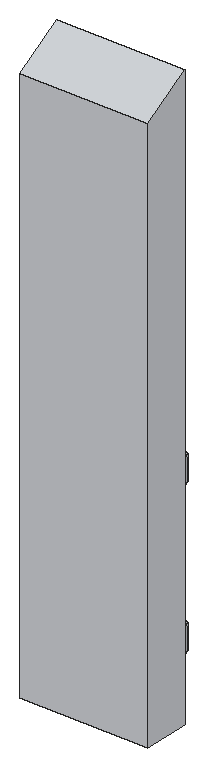
Revit family "57_CRD_ME_Ventura_V1C-V", category Mechanical Equipment, Revit 2020 (continued)
Definition of nested family "57_CRD_ME_Ventura_V1C-V_shared"
  Definition of nested family "57_rooster_boven"
    Lines and regions (mm)
      model lines
        curve 216: arc (252.5, -51.5, 0) -> (250, -54, 0) -> (247.5, -51.5, 0) r 2.5
        curve 217: line (257.5, -51.5, 0) -> (257.5, 50.5, 0)
        curve 218: line (262.5, 50.5, 0) -> (262.5, -51.5, 0)
        curve 219: arc (257.5, 50.5, 0) -> (260, 53, 0) -> (262.5, 50.5, 0) r 2.5
        curve 220: arc (262.5, -51.5, 0) -> (260, -54, 0) -> (257.5, -51.5, 0) r 2.5
        curve 221: line (-262.5, -179, 0) -> (-262.5, -77, 0)
        curve 222: line (-257.5, -77, 0) -> (-257.5, -179, 0)
        curve 223: arc (-262.5, -77, 0) -> (-260, -74.5, 0) -> (-257.5, -77, 0) r 2.5
        curve 224: arc (-257.5, -179, 0) -> (-260, -181.5, 0) -> (-262.5, -179, 0) r 2.5
        curve 225: line (-252.5, -179, 0) -> (-252.5, -77, 0)
        curve 226: line (-247.5, -77, 0) -> (-247.5, -179, 0)
        curve 227: arc (-252.5, -77, 0) -> (-250, -74.5, 0) -> (-247.5, -77, 0) r 2.5
        curve 228: arc (-247.5, -179, 0) -> (-250, -181.5, 0) -> (-252.5, -179, 0) r 2.5
        curve 229: line (-242.5, -179, 0) -> (-242.5, -77, 0)
        curve 230: line (-237.5, -77, 0) -> (-237.5, -179, 0)
        curve 231: arc (-242.5, -77, 0) -> (-240, -74.5, 0) -> (-237.5, -77, 0) r 2.5
        curve 232: arc (-237.5, -179, 0) -> (-240, -181.5, 0) -> (-242.5, -179, 0) r 2.5
        curve 233: line (-232.5, -179, 0) -> (-232.5, -77, 0)
        curve 234: line (-227.5, -77, 0) -> (-227.5, -179, 0)
        curve 235: arc (-232.5, -77, 0) -> (-230, -74.5, 0) -> (-227.5, -77, 0) r 2.5
        curve 236: arc (-227.5, -179, 0) -> (-230, -181.5, 0) -> (-232.5, -179, 0) r 2.5
        curve 237: line (-222.5, -179, 0) -> (-222.5, -77, 0)
        curve 238: line (-217.5, -77, 0) -> (-217.5, -179, 0)
        curve 239: arc (-222.5, -77, 0) -> (-220, -74.5, 0) -> (-217.5, -77, 0) r 2.5
        curve 240: arc (-217.5, -179, 0) -> (-220, -181.5, 0) -> (-222.5, -179, 0) r 2.5
        curve 241: line (-212.5, -179, 0) -> (-212.5, -77, 0)
        curve 242: line (-207.5, -77, 0) -> (-207.5, -179, 0)
        curve 243: arc (-212.5, -77, 0) -> (-210, -74.5, 0) -> (-207.5, -77, 0) r 2.5
        curve 244: arc (-207.5, -179, 0) -> (-210, -181.5, 0) -> (-212.5, -179, 0) r 2.5
        curve 245: line (-202.5, -179, 0) -> (-202.5, -77, 0)
        curve 246: line (-197.5, -77, 0) -> (-197.5, -179, 0)
        curve 247: arc (-202.5, -77, 0) -> (-200, -74.5, 0) -> (-197.5, -77, 0) r 2.5
        curve 248: arc (-197.5, -179, 0) -> (-200, -181.5, 0) -> (-202.5, -179, 0) r 2.5
        curve 249: line (-192.5, -179, 0) -> (-192.5, -77, 0)
        curve 250: line (-187.5, -77, 0) -> (-187.5, -179, 0)
        curve 251: arc (-192.5, -77, 0) -> (-190, -74.5, 0) -> (-187.5, -77, 0) r 2.5
        curve 252: arc (-187.5, -179, 0) -> (-190, -181.5, 0) -> (-192.5, -179, 0) r 2.5
        curve 253: line (-182.5, -179, 0) -> (-182.5, -77, 0)
        curve 254: line (-177.5, -77, 0) -> (-177.5, -179, 0)
        curve 255: arc (-182.5, -77, 0) -> (-180, -74.5, 0) -> (-177.5, -77, 0) r 2.5
        curve 256: arc (-177.5, -179, 0) -> (-180, -181.5, 0) -> (-182.5, -179, 0) r 2.5
        curve 257: line (-172.5, -179, 0) -> (-172.5, -77, 0)
        curve 258: line (-167.5, -77, 0) -> (-167.5, -179, 0)
        curve 259: arc (-172.5, -77, 0) -> (-170, -74.5, 0) -> (-167.5, -77, 0) r 2.5
        curve 260: arc (-167.5, -179, 0) -> (-170, -181.5, 0) -> (-172.5, -179, 0) r 2.5
        curve 261: line (-162.5, -179, 0) -> (-162.5, -77, 0)
        curve 262: line (-157.5, -77, 0) -> (-157.5, -179, 0)
        curve 263: arc (-162.5, -77, 0) -> (-160, -74.5, 0) -> (-157.5, -77, 0) r 2.5
        curve 264: arc (-157.5, -179, 0) -> (-160, -181.5, 0) -> (-162.5, -179, 0) r 2.5
        curve 265: line (-152.5, -179, 0) -> (-152.5, -77, 0)
        curve 266: line (-147.5, -77, 0) -> (-147.5, -179, 0)
        curve 267: arc (-152.5, -77, 0) -> (-150, -74.5, 0) -> (-147.5, -77, 0) r 2.5
        curve 268: arc (-147.5, -179, 0) -> (-150, -181.5, 0) -> (-152.5, -179, 0) r 2.5
        curve 269: line (-142.5, -179, 0) -> (-142.5, -77, 0)
        curve 270: line (-137.5, -77, 0) -> (-137.5, -179, 0)
        curve 271: arc (-142.5, -77, 0) -> (-140, -74.5, 0) -> (-137.5, -77, 0) r 2.5
        curve 272: arc (-137.5, -179, 0) -> (-140, -181.5, 0) -> (-142.5, -179, 0) r 2.5
        curve 273: line (-132.5, -179, 0) -> (-132.5, -77, 0)
        curve 274: line (-127.5, -77, 0) -> (-127.5, -179, 0)
        curve 275: arc (-132.5, -77, 0) -> (-130, -74.5, 0) -> (-127.5, -77, 0) r 2.5
        curve 276: arc (-127.5, -179, 0) -> (-130, -181.5, 0) -> (-132.5, -179, 0) r 2.5
        curve 277: line (-122.5, -179, 0) -> (-122.5, -77, 0)
        curve 278: line (-117.5, -77, 0) -> (-117.5, -179, 0)
        curve 279: arc (-122.5, -77, 0) -> (-120, -74.5, 0) -> (-117.5, -77, 0) r 2.5
        curve 280: arc (-117.5, -179, 0) -> (-120, -181.5, 0) -> (-122.5, -179, 0) r 2.5
        curve 281: line (-112.5, -179, 0) -> (-112.5, -77, 0)
        curve 282: line (-107.5, -77, 0) -> (-107.5, -179, 0)
        curve 283: arc (-112.5, -77, 0) -> (-110, -74.5, 0) -> (-107.5, -77, 0) r 2.5
        curve 284: arc (-107.5, -179, 0) -> (-110, -181.5, 0) -> (-112.5, -179, 0) r 2.5
        curve 285: line (-102.5, -179, 0) -> (-102.5, -77, 0)
        curve 286: line (-97.5, -77, 0) -> (-97.5, -179, 0)
        curve 287: arc (-102.5, -77, 0) -> (-100, -74.5, 0) -> (-97.5, -77, 0) r 2.5
        curve 288: arc (-97.5, -179, 0) -> (-100, -181.5, 0) -> (-102.5, -179, 0) r 2.5
        curve 289: line (-92.5, -179, 0) -> (-92.5, -77, 0)
        curve 290: line (-87.5, -77, 0) -> (-87.5, -179, 0)
        curve 291: arc (-92.5, -77, 0) -> (-90, -74.5, 0) -> (-87.5, -77, 0) r 2.5
        curve 292: arc (-87.5, -179, 0) -> (-90, -181.5, 0) -> (-92.5, -179, 0) r 2.5
        curve 293: line (-82.5, -179, 0) -> (-82.5, -77, 0)
        curve 294: line (-77.5, -77, 0) -> (-77.5, -179, 0)
        curve 295: arc (-82.5, -77, 0) -> (-80, -74.5, 0) -> (-77.5, -77, 0) r 2.5
        curve 296: arc (-77.5, -179, 0) -> (-80, -181.5, 0) -> (-82.5, -179, 0) r 2.5
        curve 297: line (-72.5, -179, 0) -> (-72.5, -77, 0)
        curve 298: line (-67.5, -77, 0) -> (-67.5, -179, 0)
        curve 299: arc (-72.5, -77, 0) -> (-70, -74.5, 0) -> (-67.5, -77, 0) r 2.5
        curve 300: arc (-67.5, -179, 0) -> (-70, -181.5, 0) -> (-72.5, -179, 0) r 2.5
        curve 301: line (-62.5, -179, 0) -> (-62.5, -77, 0)
        curve 302: line (-57.5, -77, 0) -> (-57.5, -179, 0)
        curve 303: arc (-62.5, -77, 0) -> (-60, -74.5, 0) -> (-57.5, -77, 0) r 2.5
        curve 304: arc (-57.5, -179, 0) -> (-60, -181.5, 0) -> (-62.5, -179, 0) r 2.5
        curve 305: line (-52.5, -179, 0) -> (-52.5, -77, 0)
        curve 306: line (-47.5, -77, 0) -> (-47.5, -179, 0)
        curve 307: arc (-52.5, -77, 0) -> (-50, -74.5, 0) -> (-47.5, -77, 0) r 2.5
        curve 308: arc (-47.5, -179, 0) -> (-50, -181.5, 0) -> (-52.5, -179, 0) r 2.5
        curve 309: line (-42.5, -179, 0) -> (-42.5, -77, 0)
        curve 310: line (-37.5, -77, 0) -> (-37.5, -179, 0)
        curve 311: arc (-42.5, -77, 0) -> (-40, -74.5, 0) -> (-37.5, -77, 0) r 2.5
        curve 312: arc (-37.5, -179, 0) -> (-40, -181.5, 0) -> (-42.5, -179, 0) r 2.5
        curve 313: line (-32.5, -179, 0) -> (-32.5, -77, 0)
        curve 314: line (-27.5, -77, 0) -> (-27.5, -179, 0)
        curve 315: arc (-32.5, -77, 0) -> (-30, -74.5, 0) -> (-27.5, -77, 0) r 2.5
        curve 316: arc (-27.5, -179, 0) -> (-30, -181.5, 0) -> (-32.5, -179, 0) r 2.5
        curve 317: line (-22.5, -179, 0) -> (-22.5, -77, 0)
        curve 318: line (-17.5, -77, 0) -> (-17.5, -179, 0)
        curve 319: arc (-22.5, -77, 0) -> (-20, -74.5, 0) -> (-17.5, -77, 0) r 2.5
        curve 320: arc (-17.5, -179, 0) -> (-20, -181.5, 0) -> (-22.5, -179, 0) r 2.5
        curve 321: line (-12.5, -179, 0) -> (-12.5, -77, 0)
        curve 322: line (-7.5, -77, 0) -> (-7.5, -179, 0)
        curve 323: arc (-12.5, -77, 0) -> (-10, -74.5, 0) -> (-7.5, -77, 0) r 2.5
        curve 324: arc (-7.5, -179, 0) -> (-10, -181.5, 0) -> (-12.5, -179, 0) r 2.5
        curve 325: line (-2.5, -179, 0) -> (-2.5, -77, 0)
        curve 326: line (2.5, -77, 0) -> (2.5, -179, 0)
        curve 327: arc (-2.5, -77, 0) -> (0, -74.5, 0) -> (2.5, -77, 0) r 2.5
        curve 328: arc (2.5, -179, 0) -> (0, -181.5, 0) -> (-2.5, -179, 0) r 2.5
        curve 329: line (7.5, -179, 0) -> (7.5, -77, 0)
        curve 330: line (12.5, -77, 0) -> (12.5, -179, 0)
        curve 331: arc (7.5, -77, 0) -> (10, -74.5, 0) -> (12.5, -77, 0) r 2.5
        curve 332: arc (12.5, -179, 0) -> (10, -181.5, 0) -> (7.5, -179, 0) r 2.5
        curve 333: line (17.5, -179, 0) -> (17.5, -77, 0)
        curve 334: line (22.5, -77, 0) -> (22.5, -179, 0)
        curve 335: arc (17.5, -77, 0) -> (20, -74.5, 0) -> (22.5, -77, 0) r 2.5
        curve 336: arc (22.5, -179, 0) -> (20, -181.5, 0) -> (17.5, -179, 0) r 2.5
        curve 337: line (27.5, -179, 0) -> (27.5, -77, 0)
        curve 338: line (32.5, -77, 0) -> (32.5, -179, 0)
        curve 339: arc (27.5, -77, 0) -> (30, -74.5, 0) -> (32.5, -77, 0) r 2.5
        curve 340: arc (32.5, -179, 0) -> (30, -181.5, 0) -> (27.5, -179, 0) r 2.5
        curve 341: line (37.5, -179, 0) -> (37.5, -77, 0)
        curve 342: line (42.5, -77, 0) -> (42.5, -179, 0)
        curve 343: arc (37.5, -77, 0) -> (40, -74.5, 0) -> (42.5, -77, 0) r 2.5
        curve 344: arc (42.5, -179, 0) -> (40, -181.5, 0) -> (37.5, -179, 0) r 2.5
        curve 345: line (47.5, -179, 0) -> (47.5, -77, 0)
        curve 346: line (52.5, -77, 0) -> (52.5, -179, 0)
        curve 347: arc (47.5, -77, 0) -> (50, -74.5, 0) -> (52.5, -77, 0) r 2.5
        curve 348: arc (52.5, -179, 0) -> (50, -181.5, 0) -> (47.5, -179, 0) r 2.5
        curve 349: line (57.5, -179, 0) -> (57.5, -77, 0)
        curve 350: line (62.5, -77, 0) -> (62.5, -179, 0)
        curve 351: arc (57.5, -77, 0) -> (60, -74.5, 0) -> (62.5, -77, 0) r 2.5
        curve 352: arc (62.5, -179, 0) -> (60, -181.5, 0) -> (57.5, -179, 0) r 2.5
        curve 353: line (67.5, -179, 0) -> (67.5, -77, 0)
        curve 354: line (72.5, -77, 0) -> (72.5, -179, 0)
        curve 355: arc (67.5, -77, 0) -> (70, -74.5, 0) -> (72.5, -77, 0) r 2.5
        curve 356: arc (72.5, -179, 0) -> (70, -181.5, 0) -> (67.5, -179, 0) r 2.5
        curve 357: line (77.5, -179, 0) -> (77.5, -77, 0)
        curve 358: line (82.5, -77, 0) -> (82.5, -179, 0)
        curve 359: arc (77.5, -77, 0) -> (80, -74.5, 0) -> (82.5, -77, 0) r 2.5
        curve 360: arc (82.5, -179, 0) -> (80, -181.5, 0) -> (77.5, -179, 0) r 2.5
        curve 361: line (87.5, -179, 0) -> (87.5, -77, 0)
        curve 362: line (92.5, -77, 0) -> (92.5, -179, 0)
        curve 363: arc (87.5, -77, 0) -> (90, -74.5, 0) -> (92.5, -77, 0) r 2.5
        curve 364: arc (92.5, -179, 0) -> (90, -181.5, 0) -> (87.5, -179, 0) r 2.5
        curve 365: line (97.5, -179, 0) -> (97.5, -77, 0)
        curve 366: line (102.5, -77, 0) -> (102.5, -179, 0)
        curve 367: arc (97.5, -77, 0) -> (100, -74.5, 0) -> (102.5, -77, 0) r 2.5
        curve 368: arc (102.5, -179, 0) -> (100, -181.5, 0) -> (97.5, -179, 0) r 2.5
        curve 369: line (107.5, -179, 0) -> (107.5, -77, 0)
        curve 370: line (112.5, -77, 0) -> (112.5, -179, 0)
        curve 371: arc (107.5, -77, 0) -> (110, -74.5, 0) -> (112.5, -77, 0) r 2.5
        curve 372: arc (112.5, -179, 0) -> (110, -181.5, 0) -> (107.5, -179, 0) r 2.5
        curve 373: line (117.5, -179, 0) -> (117.5, -77, 0)
        curve 374: line (122.5, -77, 0) -> (122.5, -179, 0)
        curve 375: arc (117.5, -77, 0) -> (120, -74.5, 0) -> (122.5, -77, 0) r 2.5
        curve 376: arc (122.5, -179, 0) -> (120, -181.5, 0) -> (117.5, -179, 0) r 2.5
        curve 377: line (127.5, -179, 0) -> (127.5, -77, 0)
        curve 378: line (132.5, -77, 0) -> (132.5, -179, 0)
        curve 379: arc (127.5, -77, 0) -> (130, -74.5, 0) -> (132.5, -77, 0) r 2.5
        curve 380: arc (132.5, -179, 0) -> (130, -181.5, 0) -> (127.5, -179, 0) r 2.5
        curve 381: line (137.5, -179, 0) -> (137.5, -77, 0)
        curve 382: line (142.5, -77, 0) -> (142.5, -179, 0)
        curve 383: arc (137.5, -77, 0) -> (140, -74.5, 0) -> (142.5, -77, 0) r 2.5
        curve 384: arc (142.5, -179, 0) -> (140, -181.5, 0) -> (137.5, -179, 0) r 2.5
        curve 385: line (147.5, -179, 0) -> (147.5, -77, 0)
        curve 386: line (152.5, -77, 0) -> (152.5, -179, 0)
        curve 387: arc (147.5, -77, 0) -> (150, -74.5, 0) -> (152.5, -77, 0) r 2.5
        curve 388: arc (152.5, -179, 0) -> (150, -181.5, 0) -> (147.5, -179, 0) r 2.5
        curve 389: line (157.5, -179, 0) -> (157.5, -77, 0)
        curve 390: line (162.5, -77, 0) -> (162.5, -179, 0)
        curve 391: arc (157.5, -77, 0) -> (160, -74.5, 0) -> (162.5, -77, 0) r 2.5
        curve 392: arc (162.5, -179, 0) -> (160, -181.5, 0) -> (157.5, -179, 0) r 2.5
        curve 393: line (167.5, -179, 0) -> (167.5, -77, 0)
        curve 394: line (172.5, -77, 0) -> (172.5, -179, 0)
        curve 395: arc (167.5, -77, 0) -> (170, -74.5, 0) -> (172.5, -77, 0) r 2.5
        curve 396: arc (172.5, -179, 0) -> (170, -181.5, 0) -> (167.5, -179, 0) r 2.5
        curve 397: line (177.5, -179, 0) -> (177.5, -77, 0)
        curve 398: line (182.5, -77, 0) -> (182.5, -179, 0)
        curve 399: arc (177.5, -77, 0) -> (180, -74.5, 0) -> (182.5, -77, 0) r 2.5
        curve 400: arc (182.5, -179, 0) -> (180, -181.5, 0) -> (177.5, -179, 0) r 2.5
        curve 401: line (187.5, -179, 0) -> (187.5, -77, 0)
        curve 402: line (192.5, -77, 0) -> (192.5, -179, 0)
        curve 403: arc (187.5, -77, 0) -> (190, -74.5, 0) -> (192.5, -77, 0) r 2.5
        curve 404: arc (192.5, -179, 0) -> (190, -181.5, 0) -> (187.5, -179, 0) r 2.5
        curve 405: line (197.5, -179, 0) -> (197.5, -77, 0)
        curve 406: line (202.5, -77, 0) -> (202.5, -179, 0)
        curve 407: arc (197.5, -77, 0) -> (200, -74.5, 0) -> (202.5, -77, 0) r 2.5
        curve 408: arc (202.5, -179, 0) -> (200, -181.5, 0) -> (197.5, -179, 0) r 2.5
        curve 409: line (207.5, -179, 0) -> (207.5, -77, 0)
        curve 410: line (212.5, -77, 0) -> (212.5, -179, 0)
        curve 411: arc (207.5, -77, 0) -> (210, -74.5, 0) -> (212.5, -77, 0) r 2.5
        curve 412: arc (212.5, -179, 0) -> (210, -181.5, 0) -> (207.5, -179, 0) r 2.5
        curve 413: line (217.5, -179, 0) -> (217.5, -77, 0)
        curve 414: line (222.5, -77, 0) -> (222.5, -179, 0)
        curve 415: arc (217.5, -77, 0) -> (220, -74.5, 0) -> (222.5, -77, 0) r 2.5
        curve 416: arc (222.5, -179, 0) -> (220, -181.5, 0) -> (217.5, -179, 0) r 2.5
        curve 417: line (227.5, -179, 0) -> (227.5, -77, 0)
        curve 418: line (232.5, -77, 0) -> (232.5, -179, 0)
        curve 419: arc (227.5, -77, 0) -> (230, -74.5, 0) -> (232.5, -77, 0) r 2.5
        curve 420: arc (232.5, -179, 0) -> (230, -181.5, 0) -> (227.5, -179, 0) r 2.5
        curve 421: line (237.5, -179, 0) -> (237.5, -77, 0)
        curve 422: line (242.5, -77, 0) -> (242.5, -179, 0)
        curve 423: arc (237.5, -77, 0) -> (240, -74.5, 0) -> (242.5, -77, 0) r 2.5
        curve 424: arc (242.5, -179, 0) -> (240, -181.5, 0) -> (237.5, -179, 0) r 2.5
        curve 425: line (247.5, -179, 0) -> (247.5, -77, 0)
        curve 426: line (252.5, -77, 0) -> (252.5, -179, 0)
        curve 427: arc (247.5, -77, 0) -> (250, -74.5, 0) -> (252.5, -77, 0) r 2.5
        curve 428: arc (252.5, -179, 0) -> (250, -181.5, 0) -> (247.5, -179, 0) r 2.5
        curve 429: line (257.5, -179, 0) -> (257.5, -77, 0)
        curve 430: line (262.5, -77, 0) -> (262.5, -179, 0)
        curve 431: arc (257.5, -77, 0) -> (260, -74.5, 0) -> (262.5, -77, 0) r 2.5
        curve 432: arc (262.5, -179, 0) -> (260, -181.5, 0) -> (257.5, -179, 0) r 2.5
        curve 433: line (-262.5, 76.5, 0) -> (-262.5, 178.5, 0)
        curve 434: line (-257.5, 178.5, 0) -> (-257.5, 76.5, 0)
        curve 435: arc (-262.5, 178.5, 0) -> (-260, 181, 0) -> (-257.5, 178.5, 0) r 2.5
        curve 436: arc (-257.5, 76.5, 0) -> (-260, 74, 0) -> (-262.5, 76.5, 0) r 2.5
        curve 437: line (-252.5, 76.5, 0) -> (-252.5, 178.5, 0)
        curve 438: line (-247.5, 178.5, 0) -> (-247.5, 76.5, 0)
        curve 439: arc (-252.5, 178.5, 0) -> (-250, 181, 0) -> (-247.5, 178.5, 0) r 2.5
        curve 440: arc (-247.5, 76.5, 0) -> (-250, 74, 0) -> (-252.5, 76.5, 0) r 2.5
        curve 441: line (-242.5, 76.5, 0) -> (-242.5, 178.5, 0)
        curve 442: line (-237.5, 178.5, 0) -> (-237.5, 76.5, 0)
        curve 443: arc (-242.5, 178.5, 0) -> (-240, 181, 0) -> (-237.5, 178.5, 0) r 2.5
        curve 444: arc (-237.5, 76.5, 0) -> (-240, 74, 0) -> (-242.5, 76.5, 0) r 2.5
        curve 445: line (-232.5, 76.5, 0) -> (-232.5, 178.5, 0)
        curve 446: line (-227.5, 178.5, 0) -> (-227.5, 76.5, 0)
        curve 447: arc (-232.5, 178.5, 0) -> (-230, 181, 0) -> (-227.5, 178.5, 0) r 2.5
        curve 448: arc (-227.5, 76.5, 0) -> (-230, 74, 0) -> (-232.5, 76.5, 0) r 2.5
        curve 449: line (-222.5, 76.5, 0) -> (-222.5, 178.5, 0)
        curve 450: line (-217.5, 178.5, 0) -> (-217.5, 76.5, 0)
        curve 451: arc (-222.5, 178.5, 0) -> (-220, 181, 0) -> (-217.5, 178.5, 0) r 2.5
        curve 452: arc (-217.5, 76.5, 0) -> (-220, 74, 0) -> (-222.5, 76.5, 0) r 2.5
        curve 453: line (-212.5, 76.5, 0) -> (-212.5, 178.5, 0)
        curve 454: line (-207.5, 178.5, 0) -> (-207.5, 76.5, 0)
        curve 455: arc (-212.5, 178.5, 0) -> (-210, 181, 0) -> (-207.5, 178.5, 0) r 2.5
        curve 456: arc (-207.5, 76.5, 0) -> (-210, 74, 0) -> (-212.5, 76.5, 0) r 2.5
        curve 457: line (-202.5, 76.5, 0) -> (-202.5, 178.5, 0)
        curve 458: line (-197.5, 178.5, 0) -> (-197.5, 76.5, 0)
        curve 459: arc (-202.5, 178.5, 0) -> (-200, 181, 0) -> (-197.5, 178.5, 0) r 2.5
        curve 460: arc (-197.5, 76.5, 0) -> (-200, 74, 0) -> (-202.5, 76.5, 0) r 2.5
        curve 461: line (-192.5, 76.5, 0) -> (-192.5, 178.5, 0)
        curve 462: line (-187.5, 178.5, 0) -> (-187.5, 76.5, 0)
        curve 463: arc (-192.5, 178.5, 0) -> (-190, 181, 0) -> (-187.5, 178.5, 0) r 2.5
        curve 464: arc (-187.5, 76.5, 0) -> (-190, 74, 0) -> (-192.5, 76.5, 0) r 2.5
        curve 465: line (-182.5, 76.5, 0) -> (-182.5, 178.5, 0)
        curve 466: line (-177.5, 178.5, 0) -> (-177.5, 76.5, 0)
        curve 467: arc (-182.5, 178.5, 0) -> (-180, 181, 0) -> (-177.5, 178.5, 0) r 2.5
        curve 468: arc (-177.5, 76.5, 0) -> (-180, 74, 0) -> (-182.5, 76.5, 0) r 2.5
        curve 469: line (-172.5, 76.5, 0) -> (-172.5, 178.5, 0)
        curve 470: line (-167.5, 178.5, 0) -> (-167.5, 76.5, 0)
        curve 471: arc (-172.5, 178.5, 0) -> (-170, 181, 0) -> (-167.5, 178.5, 0) r 2.5
        curve 472: arc (-167.5, 76.5, 0) -> (-170, 74, 0) -> (-172.5, 76.5, 0) r 2.5
        curve 473: line (-162.5, 76.5, 0) -> (-162.5, 178.5, 0)
        curve 474: line (-157.5, 178.5, 0) -> (-157.5, 76.5, 0)
        curve 475: arc (-162.5, 178.5, 0) -> (-160, 181, 0) -> (-157.5, 178.5, 0) r 2.5
        curve 476: arc (-157.5, 76.5, 0) -> (-160, 74, 0) -> (-162.5, 76.5, 0) r 2.5
        curve 477: line (-152.5, 76.5, 0) -> (-152.5, 178.5, 0)
        curve 478: line (-147.5, 178.5, 0) -> (-147.5, 76.5, 0)
        curve 479: arc (-152.5, 178.5, 0) -> (-150, 181, 0) -> (-147.5, 178.5, 0) r 2.5
        curve 480: arc (-147.5, 76.5, 0) -> (-150, 74, 0) -> (-152.5, 76.5, 0) r 2.5
        curve 481: line (-142.5, 76.5, 0) -> (-142.5, 178.5, 0)
        curve 482: line (-137.5, 178.5, 0) -> (-137.5, 76.5, 0)
        curve 483: arc (-142.5, 178.5, 0) -> (-140, 181, 0) -> (-137.5, 178.5, 0) r 2.5
        curve 484: arc (-137.5, 76.5, 0) -> (-140, 74, 0) -> (-142.5, 76.5, 0) r 2.5
        curve 485: line (-132.5, 76.5, 0) -> (-132.5, 178.5, 0)
        curve 486: line (-127.5, 178.5, 0) -> (-127.5, 76.5, 0)
        curve 487: arc (-132.5, 178.5, 0) -> (-130, 181, 0) -> (-127.5, 178.5, 0) r 2.5
        curve 488: arc (-127.5, 76.5, 0) -> (-130, 74, 0) -> (-132.5, 76.5, 0) r 2.5
        curve 489: line (-122.5, 76.5, 0) -> (-122.5, 178.5, 0)
        curve 490: line (-117.5, 178.5, 0) -> (-117.5, 76.5, 0)
        curve 491: arc (-122.5, 178.5, 0) -> (-120, 181, 0) -> (-117.5, 178.5, 0) r 2.5
        curve 492: arc (-117.5, 76.5, 0) -> (-120, 74, 0) -> (-122.5, 76.5, 0) r 2.5
        curve 493: line (-112.5, 76.5, 0) -> (-112.5, 178.5, 0)
        curve 494: line (-107.5, 178.5, 0) -> (-107.5, 76.5, 0)
        curve 495: arc (-112.5, 178.5, 0) -> (-110, 181, 0) -> (-107.5, 178.5, 0) r 2.5
        curve 496: arc (-107.5, 76.5, 0) -> (-110, 74, 0) -> (-112.5, 76.5, 0) r 2.5
        curve 497: line (-102.5, 76.5, 0) -> (-102.5, 178.5, 0)
        curve 498: line (-97.5, 178.5, 0) -> (-97.5, 76.5, 0)
        curve 499: arc (-102.5, 178.5, 0) -> (-100, 181, 0) -> (-97.5, 178.5, 0) r 2.5
        curve 500: arc (-97.5, 76.5, 0) -> (-100, 74, 0) -> (-102.5, 76.5, 0) r 2.5
        curve 501: line (-92.5, 76.5, 0) -> (-92.5, 178.5, 0)
        curve 502: line (-87.5, 178.5, 0) -> (-87.5, 76.5, 0)
        curve 503: arc (-92.5, 178.5, 0) -> (-90, 181, 0) -> (-87.5, 178.5, 0) r 2.5
        curve 504: arc (-87.5, 76.5, 0) -> (-90, 74, 0) -> (-92.5, 76.5, 0) r 2.5
        curve 505: line (-82.5, 76.5, 0) -> (-82.5, 178.5, 0)
        curve 506: line (-77.5, 178.5, 0) -> (-77.5, 76.5, 0)
        curve 507: arc (-82.5, 178.5, 0) -> (-80, 181, 0) -> (-77.5, 178.5, 0) r 2.5
        curve 508: arc (-77.5, 76.5, 0) -> (-80, 74, 0) -> (-82.5, 76.5, 0) r 2.5
        curve 509: line (-72.5, 76.5, 0) -> (-72.5, 178.5, 0)
        curve 510: line (-67.5, 178.5, 0) -> (-67.5, 76.5, 0)
        curve 511: arc (-72.5, 178.5, 0) -> (-70, 181, 0) -> (-67.5, 178.5, 0) r 2.5
        curve 512: arc (-67.5, 76.5, 0) -> (-70, 74, 0) -> (-72.5, 76.5, 0) r 2.5
        curve 513: line (-62.5, 76.5, 0) -> (-62.5, 178.5, 0)
        curve 514: line (-57.5, 178.5, 0) -> (-57.5, 76.5, 0)
        curve 515: arc (-62.5, 178.5, 0) -> (-60, 181, 0) -> (-57.5, 178.5, 0) r 2.5
        curve 516: arc (-57.5, 76.5, 0) -> (-60, 74, 0) -> (-62.5, 76.5, 0) r 2.5
        curve 517: line (-52.5, 76.5, 0) -> (-52.5, 178.5, 0)
        curve 518: line (-47.5, 178.5, 0) -> (-47.5, 76.5, 0)
        curve 519: arc (-52.5, 178.5, 0) -> (-50, 181, 0) -> (-47.5, 178.5, 0) r 2.5
        curve 520: arc (-47.5, 76.5, 0) -> (-50, 74, 0) -> (-52.5, 76.5, 0) r 2.5
        curve 521: line (-42.5, 76.5, 0) -> (-42.5, 178.5, 0)
        curve 522: line (-37.5, 178.5, 0) -> (-37.5, 76.5, 0)
        curve 523: arc (-42.5, 178.5, 0) -> (-40, 181, 0) -> (-37.5, 178.5, 0) r 2.5
        curve 524: arc (-37.5, 76.5, 0) -> (-40, 74, 0) -> (-42.5, 76.5, 0) r 2.5
        curve 525: line (-32.5, 76.5, 0) -> (-32.5, 178.5, 0)
        curve 526: line (-27.5, 178.5, 0) -> (-27.5, 76.5, 0)
        curve 527: arc (-32.5, 178.5, 0) -> (-30, 181, 0) -> (-27.5, 178.5, 0) r 2.5
        curve 528: arc (-27.5, 76.5, 0) -> (-30, 74, 0) -> (-32.5, 76.5, 0) r 2.5
        curve 529: line (-22.5, 76.5, 0) -> (-22.5, 178.5, 0)
        curve 530: line (-17.5, 178.5, 0) -> (-17.5, 76.5, 0)
        curve 531: arc (-22.5, 178.5, 0) -> (-20, 181, 0) -> (-17.5, 178.5, 0) r 2.5
        curve 532: arc (-17.5, 76.5, 0) -> (-20, 74, 0) -> (-22.5, 76.5, 0) r 2.5
        curve 533: line (-12.5, 76.5, 0) -> (-12.5, 178.5, 0)
        curve 534: line (-7.5, 178.5, 0) -> (-7.5, 76.5, 0)
        curve 535: arc (-12.5, 178.5, 0) -> (-10, 181, 0) -> (-7.5, 178.5, 0) r 2.5
        curve 536: arc (-7.5, 76.5, 0) -> (-10, 74, 0) -> (-12.5, 76.5, 0) r 2.5
        curve 537: line (-2.5, 76.5, 0) -> (-2.5, 178.5, 0)
        curve 538: line (2.5, 178.5, 0) -> (2.5, 76.5, 0)
        curve 539: arc (-2.5, 178.5, 0) -> (0, 181, 0) -> (2.5, 178.5, 0) r 2.5
        curve 540: arc (2.5, 76.5, 0) -> (0, 74, 0) -> (-2.5, 76.5, 0) r 2.5
        curve 541: line (7.5, 76.5, 0) -> (7.5, 178.5, 0)
        curve 542: line (12.5, 178.5, 0) -> (12.5, 76.5, 0)
        curve 543: arc (7.5, 178.5, 0) -> (10, 181, 0) -> (12.5, 178.5, 0) r 2.5
        curve 544: arc (12.5, 76.5, 0) -> (10, 74, 0) -> (7.5, 76.5, 0) r 2.5
        curve 545: line (17.5, 76.5, 0) -> (17.5, 178.5, 0)
        curve 546: line (22.5, 178.5, 0) -> (22.5, 76.5, 0)
        curve 547: arc (17.5, 178.5, 0) -> (20, 181, 0) -> (22.5, 178.5, 0) r 2.5
        curve 548: arc (22.5, 76.5, 0) -> (20, 74, 0) -> (17.5, 76.5, 0) r 2.5
        curve 549: line (27.5, 76.5, 0) -> (27.5, 178.5, 0)
        curve 550: line (32.5, 178.5, 0) -> (32.5, 76.5, 0)
        curve 551: arc (27.5, 178.5, 0) -> (30, 181, 0) -> (32.5, 178.5, 0) r 2.5
        curve 552: arc (32.5, 76.5, 0) -> (30, 74, 0) -> (27.5, 76.5, 0) r 2.5
        curve 553: line (37.5, 76.5, 0) -> (37.5, 178.5, 0)
        curve 554: line (42.5, 178.5, 0) -> (42.5, 76.5, 0)
        curve 555: arc (37.5, 178.5, 0) -> (40, 181, 0) -> (42.5, 178.5, 0) r 2.5
        curve 556: arc (42.5, 76.5, 0) -> (40, 74, 0) -> (37.5, 76.5, 0) r 2.5
        curve 557: line (47.5, 76.5, 0) -> (47.5, 178.5, 0)
        curve 558: line (52.5, 178.5, 0) -> (52.5, 76.5, 0)
        curve 559: arc (47.5, 178.5, 0) -> (50, 181, 0) -> (52.5, 178.5, 0) r 2.5
        curve 560: arc (52.5, 76.5, 0) -> (50, 74, 0) -> (47.5, 76.5, 0) r 2.5
        curve 561: line (57.5, 76.5, 0) -> (57.5, 178.5, 0)
        curve 562: line (62.5, 178.5, 0) -> (62.5, 76.5, 0)
        curve 563: arc (57.5, 178.5, 0) -> (60, 181, 0) -> (62.5, 178.5, 0) r 2.5
        curve 564: arc (62.5, 76.5, 0) -> (60, 74, 0) -> (57.5, 76.5, 0) r 2.5
        curve 565: line (67.5, 76.5, 0) -> (67.5, 178.5, 0)
        curve 566: line (72.5, 178.5, 0) -> (72.5, 76.5, 0)
        curve 567: arc (67.5, 178.5, 0) -> (70, 181, 0) -> (72.5, 178.5, 0) r 2.5
        curve 568: arc (72.5, 76.5, 0) -> (70, 74, 0) -> (67.5, 76.5, 0) r 2.5
        curve 569: line (77.5, 76.5, 0) -> (77.5, 178.5, 0)
        curve 570: line (82.5, 178.5, 0) -> (82.5, 76.5, 0)
        curve 571: arc (77.5, 178.5, 0) -> (80, 181, 0) -> (82.5, 178.5, 0) r 2.5
        curve 572: arc (82.5, 76.5, 0) -> (80, 74, 0) -> (77.5, 76.5, 0) r 2.5
        curve 573: line (87.5, 76.5, 0) -> (87.5, 178.5, 0)
        curve 574: line (92.5, 178.5, 0) -> (92.5, 76.5, 0)
        curve 575: arc (87.5, 178.5, 0) -> (90, 181, 0) -> (92.5, 178.5, 0) r 2.5
        curve 576: arc (92.5, 76.5, 0) -> (90, 74, 0) -> (87.5, 76.5, 0) r 2.5
        curve 577: line (97.5, 76.5, 0) -> (97.5, 178.5, 0)
        curve 578: line (102.5, 178.5, 0) -> (102.5, 76.5, 0)
        curve 579: arc (97.5, 178.5, 0) -> (100, 181, 0) -> (102.5, 178.5, 0) r 2.5
        curve 580: arc (102.5, 76.5, 0) -> (100, 74, 0) -> (97.5, 76.5, 0) r 2.5
        curve 581: line (107.5, 76.5, 0) -> (107.5, 178.5, 0)
        curve 582: line (112.5, 178.5, 0) -> (112.5, 76.5, 0)
        curve 583: arc (107.5, 178.5, 0) -> (110, 181, 0) -> (112.5, 178.5, 0) r 2.5
        curve 584: arc (112.5, 76.5, 0) -> (110, 74, 0) -> (107.5, 76.5, 0) r 2.5
        curve 585: line (117.5, 76.5, 0) -> (117.5, 178.5, 0)
        curve 586: line (122.5, 178.5, 0) -> (122.5, 76.5, 0)
        curve 587: arc (117.5, 178.5, 0) -> (120, 181, 0) -> (122.5, 178.5, 0) r 2.5
        curve 588: arc (122.5, 76.5, 0) -> (120, 74, 0) -> (117.5, 76.5, 0) r 2.5
        curve 589: line (127.5, 76.5, 0) -> (127.5, 178.5, 0)
        curve 590: line (132.5, 178.5, 0) -> (132.5, 76.5, 0)
        curve 591: arc (127.5, 178.5, 0) -> (130, 181, 0) -> (132.5, 178.5, 0) r 2.5
        curve 592: arc (132.5, 76.5, 0) -> (130, 74, 0) -> (127.5, 76.5, 0) r 2.5
        curve 593: line (137.5, 76.5, 0) -> (137.5, 178.5, 0)
        curve 594: line (142.5, 178.5, 0) -> (142.5, 76.5, 0)
        curve 595: arc (137.5, 178.5, 0) -> (140, 181, 0) -> (142.5, 178.5, 0) r 2.5
        curve 596: arc (142.5, 76.5, 0) -> (140, 74, 0) -> (137.5, 76.5, 0) r 2.5
        curve 597: line (147.5, 76.5, 0) -> (147.5, 178.5, 0)
        curve 598: line (152.5, 178.5, 0) -> (152.5, 76.5, 0)
        curve 599: arc (147.5, 178.5, 0) -> (150, 181, 0) -> (152.5, 178.5, 0) r 2.5
        curve 600: arc (152.5, 76.5, 0) -> (150, 74, 0) -> (147.5, 76.5, 0) r 2.5
        curve 601: line (157.5, 76.5, 0) -> (157.5, 178.5, 0)
        curve 602: line (162.5, 178.5, 0) -> (162.5, 76.5, 0)
        curve 603: arc (157.5, 178.5, 0) -> (160, 181, 0) -> (162.5, 178.5, 0) r 2.5
        curve 604: arc (162.5, 76.5, 0) -> (160, 74, 0) -> (157.5, 76.5, 0) r 2.5
        curve 605: line (167.5, 76.5, 0) -> (167.5, 178.5, 0)
        curve 606: line (172.5, 178.5, 0) -> (172.5, 76.5, 0)
        curve 607: arc (167.5, 178.5, 0) -> (170, 181, 0) -> (172.5, 178.5, 0) r 2.5
        curve 608: arc (172.5, 76.5, 0) -> (170, 74, 0) -> (167.5, 76.5, 0) r 2.5
        curve 609: line (177.5, 76.5, 0) -> (177.5, 178.5, 0)
        curve 610: line (182.5, 178.5, 0) -> (182.5, 76.5, 0)
        curve 611: arc (177.5, 178.5, 0) -> (180, 181, 0) -> (182.5, 178.5, 0) r 2.5
        curve 612: arc (182.5, 76.5, 0) -> (180, 74, 0) -> (177.5, 76.5, 0) r 2.5
        curve 613: line (187.5, 76.5, 0) -> (187.5, 178.5, 0)
        curve 614: line (192.5, 178.5, 0) -> (192.5, 76.5, 0)
        curve 615: arc (187.5, 178.5, 0) -> (190, 181, 0) -> (192.5, 178.5, 0) r 2.5
        curve 616: arc (192.5, 76.5, 0) -> (190, 74, 0) -> (187.5, 76.5, 0) r 2.5
        curve 617: line (197.5, 76.5, 0) -> (197.5, 178.5, 0)
        curve 618: line (202.5, 178.5, 0) -> (202.5, 76.5, 0)
        curve 619: arc (197.5, 178.5, 0) -> (200, 181, 0) -> (202.5, 178.5, 0) r 2.5
        curve 620: arc (202.5, 76.5, 0) -> (200, 74, 0) -> (197.5, 76.5, 0) r 2.5
        curve 621: line (207.5, 76.5, 0) -> (207.5, 178.5, 0)
        curve 622: line (212.5, 178.5, 0) -> (212.5, 76.5, 0)
        curve 623: arc (207.5, 178.5, 0) -> (210, 181, 0) -> (212.5, 178.5, 0) r 2.5
        curve 624: arc (212.5, 76.5, 0) -> (210, 74, 0) -> (207.5, 76.5, 0) r 2.5
        curve 625: line (217.5, 76.5, 0) -> (217.5, 178.5, 0)
        curve 626: line (222.5, 178.5, 0) -> (222.5, 76.5, 0)
        curve 627: arc (217.5, 178.5, 0) -> (220, 181, 0) -> (222.5, 178.5, 0) r 2.5
        curve 628: arc (222.5, 76.5, 0) -> (220, 74, 0) -> (217.5, 76.5, 0) r 2.5
        curve 629: line (227.5, 76.5, 0) -> (227.5, 178.5, 0)
        curve 630: line (232.5, 178.5, 0) -> (232.5, 76.5, 0)
        curve 631: arc (227.5, 178.5, 0) -> (230, 181, 0) -> (232.5, 178.5, 0) r 2.5
        curve 632: arc (232.5, 76.5, 0) -> (230, 74, 0) -> (227.5, 76.5, 0) r 2.5
        curve 633: line (237.5, 76.5, 0) -> (237.5, 178.5, 0)
        curve 634: line (242.5, 178.5, 0) -> (242.5, 76.5, 0)
        curve 635: arc (237.5, 178.5, 0) -> (240, 181, 0) -> (242.5, 178.5, 0) r 2.5
        curve 636: arc (242.5, 76.5, 0) -> (240, 74, 0) -> (237.5, 76.5, 0) r 2.5
        curve 637: line (247.5, 76.5, 0) -> (247.5, 178.5, 0)
        curve 638: line (252.5, 178.5, 0) -> (252.5, 76.5, 0)
        curve 639: arc (247.5, 178.5, 0) -> (250, 181, 0) -> (252.5, 178.5, 0) r 2.5
        curve 640: arc (252.5, 76.5, 0) -> (250, 74, 0) -> (247.5, 76.5, 0) r 2.5
        curve 641: line (257.5, 76.5, 0) -> (257.5, 178.5, 0)
        curve 642: line (262.5, 178.5, 0) -> (262.5, 76.5, 0)
        curve 643: arc (257.5, 178.5, 0) -> (260, 181, 0) -> (262.5, 178.5, 0) r 2.5
        curve 644: arc (262.5, 76.5, 0) -> (260, 74, 0) -> (257.5, 76.5, 0) r 2.5
    Dimensions and locks
      aligned and locked: level to plane 2
  Definition of nested family "57_rooster_zijkant"
    Parameters
      Default Elevation = 1219.2 mm
    Reference planes
      plane 1 "Center (Front/Back)": y = 0
      plane 2: z = 0
      plane 3 "Center (Left/Right)": x = 0
    Forms (mm)
      Extrusion 1, solid
        sketch origin (0, 0, 0) x (1, 0, 0) y (0, 1, 0)
          loop
            line (-1219.2, 1219.2) -> (-1219.2, -1219.2) -> (1219.2, -1219.2) -> (1219.2, 1219.2) -> (-1219.2, 1219.2)
        from 0 to -304.8
    Lines and regions (mm)
      model lines
        curve 1: line (-40, -183, 0) -> (-40, 183, 0)
        curve 2: arc (-40, 183, 0) -> (-36.778, 190.778, 0) -> (-29, 194, 0) r 11
        curve 3: line (-29, 194, 0) -> (29, 194, 0)
        curve 4: arc (29, 194, 0) -> (36.778, 190.778, 0) -> (40, 183, 0) r 11
        curve 5: line (40, 183, 0) -> (40, -183, 0)
        curve 6: arc (40, -183, 0) -> (36.778, -190.778, 0) -> (29, -194, 0) r 11
        curve 7: line (29, -194, 0) -> (-29, -194, 0)
        curve 8: line (-27.5, -51.5, 0) -> (-27.5, 50.5, 0)
        curve 9: line (-22.5, 50.5, 0) -> (-22.5, -51.5, 0)
        curve 10: arc (-27.5, 50.5, 0) -> (-25, 53, 0) -> (-22.5, 50.5, 0) r 2.5
        curve 11: arc (-22.5, -51.5, 0) -> (-25, -54, 0) -> (-27.5, -51.5, 0) r 2.5
        curve 12: line (-17.5, -51.5, 0) -> (-17.5, 50.5, 0)
        curve 13: line (-12.5, 50.5, 0) -> (-12.5, -51.5, 0)
        curve 14: arc (-17.5, 50.5, 0) -> (-15, 53, 0) -> (-12.5, 50.5, 0) r 2.5
        curve 15: arc (-12.5, -51.5, 0) -> (-15, -54, 0) -> (-17.5, -51.5, 0) r 2.5
        curve 16: line (-7.5, -51.5, 0) -> (-7.5, 50.5, 0)
        curve 17: line (-2.5, 50.5, 0) -> (-2.5, -51.5, 0)
        curve 18: arc (-7.5, 50.5, 0) -> (-5, 53, 0) -> (-2.5, 50.5, 0) r 2.5
        curve 19: arc (-2.5, -51.5, 0) -> (-5, -54, 0) -> (-7.5, -51.5, 0) r 2.5
        curve 20: line (2.5, -51.5, 0) -> (2.5, 50.5, 0)
        curve 21: line (7.5, 50.5, 0) -> (7.5, -51.5, 0)
        curve 22: arc (2.5, 50.5, 0) -> (5, 53, 0) -> (7.5, 50.5, 0) r 2.5
        curve 23: arc (7.5, -51.5, 0) -> (5, -54, 0) -> (2.5, -51.5, 0) r 2.5
        curve 24: line (12.5, -51.5, 0) -> (12.5, 50.5, 0)
        curve 25: line (17.5, 50.5, 0) -> (17.5, -51.5, 0)
        curve 26: arc (12.5, 50.5, 0) -> (15, 53, 0) -> (17.5, 50.5, 0) r 2.5
        curve 27: arc (17.5, -51.5, 0) -> (15, -54, 0) -> (12.5, -51.5, 0) r 2.5
        curve 28: line (22.5, -51.5, 0) -> (22.5, 50.5, 0)
        curve 29: line (27.5, 50.5, 0) -> (27.5, -51.5, 0)
        curve 30: arc (22.5, 50.5, 0) -> (25, 53, 0) -> (27.5, 50.5, 0) r 2.5
        curve 31: arc (27.5, -51.5, 0) -> (25, -54, 0) -> (22.5, -51.5, 0) r 2.5
        curve 32: line (-27.5, -179, 0) -> (-27.5, -77, 0)
        curve 33: line (-22.5, -77, 0) -> (-22.5, -179, 0)
        curve 34: arc (-27.5, -77, 0) -> (-25, -74.5, 0) -> (-22.5, -77, 0) r 2.5
        curve 35: arc (-22.5, -179, 0) -> (-25, -181.5, 0) -> (-27.5, -179, 0) r 2.5
        curve 36: line (-17.5, -179, 0) -> (-17.5, -77, 0)
        curve 37: line (-12.5, -77, 0) -> (-12.5, -179, 0)
        curve 38: arc (-17.5, -77, 0) -> (-15, -74.5, 0) -> (-12.5, -77, 0) r 2.5
        curve 39: arc (-12.5, -179, 0) -> (-15, -181.5, 0) -> (-17.5, -179, 0) r 2.5
        curve 40: line (-7.5, -179, 0) -> (-7.5, -77, 0)
        curve 41: line (-2.5, -77, 0) -> (-2.5, -179, 0)
        curve 42: arc (-7.5, -77, 0) -> (-5, -74.5, 0) -> (-2.5, -77, 0) r 2.5
        curve 43: arc (-2.5, -179, 0) -> (-5, -181.5, 0) -> (-7.5, -179, 0) r 2.5
        curve 44: line (2.5, -179, 0) -> (2.5, -77, 0)
        curve 45: line (7.5, -77, 0) -> (7.5, -179, 0)
        curve 46: arc (2.5, -77, 0) -> (5, -74.5, 0) -> (7.5, -77, 0) r 2.5
        curve 47: arc (7.5, -179, 0) -> (5, -181.5, 0) -> (2.5, -179, 0) r 2.5
        curve 48: line (12.5, -179, 0) -> (12.5, -77, 0)
        curve 49: line (17.5, -77, 0) -> (17.5, -179, 0)
        curve 50: arc (12.5, -77, 0) -> (15, -74.5, 0) -> (17.5, -77, 0) r 2.5
        curve 51: arc (17.5, -179, 0) -> (15, -181.5, 0) -> (12.5, -179, 0) r 2.5
        curve 52: line (-27.5, 76.5, 0) -> (-27.5, 178.5, 0)
        curve 53: line (-22.5, 178.5, 0) -> (-22.5, 76.5, 0)
        curve 54: arc (-27.5, 178.5, 0) -> (-25, 181, 0) -> (-22.5, 178.5, 0) r 2.5
        curve 55: arc (-22.5, 76.5, 0) -> (-25, 74, 0) -> (-27.5, 76.5, 0) r 2.5
        curve 56: line (-17.5, 76.5, 0) -> (-17.5, 178.5, 0)
        curve 57: line (-12.5, 178.5, 0) -> (-12.5, 76.5, 0)
        curve 58: arc (-17.5, 178.5, 0) -> (-15, 181, 0) -> (-12.5, 178.5, 0) r 2.5
        curve 59: arc (-12.5, 76.5, 0) -> (-15, 74, 0) -> (-17.5, 76.5, 0) r 2.5
        curve 60: line (-7.5, 76.5, 0) -> (-7.5, 178.5, 0)
        curve 61: line (-2.5, 178.5, 0) -> (-2.5, 76.5, 0)
        curve 62: arc (-7.5, 178.5, 0) -> (-5, 181, 0) -> (-2.5, 178.5, 0) r 2.5
        curve 63: arc (-2.5, 76.5, 0) -> (-5, 74, 0) -> (-7.5, 76.5, 0) r 2.5
        curve 64: line (2.5, 76.5, 0) -> (2.5, 178.5, 0)
        curve 65: line (7.5, 178.5, 0) -> (7.5, 76.5, 0)
        curve 66: arc (2.5, 178.5, 0) -> (5, 181, 0) -> (7.5, 178.5, 0) r 2.5
        curve 67: arc (7.5, 76.5, 0) -> (5, 74, 0) -> (2.5, 76.5, 0) r 2.5
        curve 68: line (12.5, 76.5, 0) -> (12.5, 178.5, 0)
        curve 69: line (17.5, 178.5, 0) -> (17.5, 76.5, 0)
        curve 70: arc (12.5, 178.5, 0) -> (15, 181, 0) -> (17.5, 178.5, 0) r 2.5
        curve 71: arc (17.5, 76.5, 0) -> (15, 74, 0) -> (12.5, 76.5, 0) r 2.5
        curve 72: line (22.5, 76.5, 0) -> (22.5, 178.5, 0)
        curve 73: line (27.5, 178.5, 0) -> (27.5, 76.5, 0)
        curve 74: arc (22.5, 178.5, 0) -> (25, 181, 0) -> (27.5, 178.5, 0) r 2.5
        curve 75: arc (27.5, 76.5, 0) -> (25, 74, 0) -> (22.5, 76.5, 0) r 2.5
        curve 76: line (22.5, -179, 0) -> (22.5, -77, 0)
        curve 77: line (27.5, -77, 0) -> (27.5, -179, 0)
        curve 78: arc (22.5, -77, 0) -> (25, -74.5, 0) -> (27.5, -77, 0) r 2.5
        curve 79: arc (27.5, -179, 0) -> (25, -181.5, 0) -> (22.5, -179, 0) r 2.5
        curve 80: arc (-40, -183, 0) -> (-36.778, -190.778, 0) -> (-29, -194, 0) r 11
        curve 81: line (-40, -538, 0) -> (-40, -300, 0)
        curve 82: arc (-40, -300, 0) -> (-36.778, -292.222, 0) -> (-29, -289, 0) r 11
        curve 83: line (-29, -289, 0) -> (29, -289, 0)
        curve 84: arc (29, -289, 0) -> (36.778, -292.222, 0) -> (40, -300, 0) r 11
        curve 85: line (40, -300, 0) -> (40, -538, 0)
        curve 86: arc (40, -538, 0) -> (36.778, -545.778, 0) -> (29, -549, 0) r 11
        curve 87: line (29, -549, 0) -> (-29, -549, 0)
        curve 88: line (-27.5, -534, 0) -> (-27.5, -431.5, 0)
        curve 89: line (-22.5, -431.5, 0) -> (-22.5, -534, 0)
        curve 90: arc (-27.5, -431.5, 0) -> (-25, -429, 0) -> (-22.5, -431.5, 0) r 2.5
        curve 91: arc (-22.5, -534, 0) -> (-25, -536.5, 0) -> (-27.5, -534, 0) r 2.5
        curve 92: line (-17.5, -534, 0) -> (-17.5, -431.5, 0)
        curve 93: line (-12.5, -431.5, 0) -> (-12.5, -534, 0)
        curve 94: arc (-17.5, -431.5, 0) -> (-15, -429, 0) -> (-12.5, -431.5, 0) r 2.5
        curve 95: arc (-12.5, -534, 0) -> (-15, -536.5, 0) -> (-17.5, -534, 0) r 2.5
        curve 96: line (-7.5, -534, 0) -> (-7.5, -431.5, 0)
        curve 97: line (-2.5, -431.5, 0) -> (-2.5, -534, 0)
        curve 98: arc (-7.5, -431.5, 0) -> (-5, -429, 0) -> (-2.5, -431.5, 0) r 2.5
        curve 99: arc (-2.5, -534, 0) -> (-5, -536.5, 0) -> (-7.5, -534, 0) r 2.5
        curve 100: line (2.5, -534, 0) -> (2.5, -431.5, 0)
        curve 101: line (7.5, -431.5, 0) -> (7.5, -534, 0)
        curve 102: arc (2.5, -431.5, 0) -> (5, -429, 0) -> (7.5, -431.5, 0) r 2.5
        curve 103: arc (7.5, -534, 0) -> (5, -536.5, 0) -> (2.5, -534, 0) r 2.5
        curve 104: line (12.5, -534, 0) -> (12.5, -431.5, 0)
        curve 105: line (17.5, -431.5, 0) -> (17.5, -534, 0)
        curve 106: arc (12.5, -431.5, 0) -> (15, -429, 0) -> (17.5, -431.5, 0) r 2.5
        curve 107: arc (17.5, -534, 0) -> (15, -536.5, 0) -> (12.5, -534, 0) r 2.5
        curve 108: line (22.5, -534, 0) -> (22.5, -431.5, 0)
        curve 109: line (27.5, -431.5, 0) -> (27.5, -534, 0)
        curve 110: arc (22.5, -431.5, 0) -> (25, -429, 0) -> (27.5, -431.5, 0) r 2.5
        curve 111: arc (27.5, -534, 0) -> (25, -536.5, 0) -> (22.5, -534, 0) r 2.5
        curve 112: line (-27.5, -406.5, 0) -> (-27.5, -304, 0)
        curve 113: line (-22.5, -304, 0) -> (-22.5, -406.5, 0)
        curve 114: arc (-27.5, -304, 0) -> (-25, -301.5, 0) -> (-22.5, -304, 0) r 2.5
        curve 115: arc (-22.5, -406.5, 0) -> (-25, -409, 0) -> (-27.5, -406.5, 0) r 2.5
        curve 116: line (-17.5, -406.5, 0) -> (-17.5, -304, 0)
        curve 117: line (-12.5, -304, 0) -> (-12.5, -406.5, 0)
        curve 118: arc (-17.5, -304, 0) -> (-15, -301.5, 0) -> (-12.5, -304, 0) r 2.5
        curve 119: arc (-12.5, -406.5, 0) -> (-15, -409, 0) -> (-17.5, -406.5, 0) r 2.5
        curve 120: line (-7.5, -406.5, 0) -> (-7.5, -304, 0)
        curve 121: line (-2.5, -304, 0) -> (-2.5, -406.5, 0)
        curve 122: arc (-7.5, -304, 0) -> (-5, -301.5, 0) -> (-2.5, -304, 0) r 2.5
        curve 123: arc (-2.5, -406.5, 0) -> (-5, -409, 0) -> (-7.5, -406.5, 0) r 2.5
        curve 124: line (2.5, -406.5, 0) -> (2.5, -304, 0)
        curve 125: line (7.5, -304, 0) -> (7.5, -406.5, 0)
        curve 126: arc (2.5, -304, 0) -> (5, -301.5, 0) -> (7.5, -304, 0) r 2.5
        curve 127: arc (7.5, -406.5, 0) -> (5, -409, 0) -> (2.5, -406.5, 0) r 2.5
        curve 128: line (12.5, -406.5, 0) -> (12.5, -304, 0)
        curve 129: line (17.5, -304, 0) -> (17.5, -406.5, 0)
        curve 130: arc (12.5, -304, 0) -> (15, -301.5, 0) -> (17.5, -304, 0) r 2.5
        curve 131: arc (17.5, -406.5, 0) -> (15, -409, 0) -> (12.5, -406.5, 0) r 2.5
        curve 132: line (22.5, -406.5, 0) -> (22.5, -304, 0)
        curve 133: line (27.5, -304, 0) -> (27.5, -406.5, 0)
        curve 134: arc (22.5, -304, 0) -> (25, -301.5, 0) -> (27.5, -304, 0) r 2.5
        curve 135: arc (27.5, -406.5, 0) -> (25, -409, 0) -> (22.5, -406.5, 0) r 2.5
        curve 136: arc (-40, -538, 0) -> (-36.778, -545.778, 0) -> (-29, -549, 0) r 11
    Dimensions and locks
      aligned and locked: plane 2 to Extrusion 1
      aligned and locked: level to Extrusion 1
  Definition of nested family "57_rooster_bovenkant"
    Parameters
      Default Elevation = 1219.2 mm
    Reference planes
      plane 1 "Center (Front/Back)": y = 0
      plane 2: z = 0
      plane 3 "Center (Left/Right)": x = 0
    Forms (mm)
      Extrusion 1, solid
        sketch origin (0, 0, 0) x (1, 0, 0) y (0, 1, 0)
          loop
            line (-1219.2, 1219.2) -> (-1219.2, -1219.2) -> (1219.2, -1219.2) -> (1219.2, 1219.2) -> (-1219.2, 1219.2)
        from 0 to -304.8
    Lines and regions (mm)
      model lines
        curve 1: line (-272.5, -98, 0) -> (-272.5, -26.5, 0)
        curve 2: arc (-272.5, 86, 0) -> (-269.278, 93.778, 0) -> (-261.5, 97, 0) r 11
        curve 3: line (-261.5, 97, 0) -> (261.5, 97, 0)
        curve 4: arc (261.5, 97, 0) -> (269.278, 93.778, 0) -> (272.5, 86, 0) r 11
        curve 5: line (272.5, 86, 0) -> (272.5, 14.5, 0)
        curve 6: line (-262.5, -93.5, 0) -> (-262.5, -31, 0)
        curve 7: line (-257.5, -31, 0) -> (-257.5, -93.5, 0)
        curve 8: arc (-262.5, -31, 0) -> (-260, -28.5, 0) -> (-257.5, -31, 0) r 2.5
        curve 9: arc (-257.5, -93.5, 0) -> (-260, -96, 0) -> (-262.5, -93.5, 0) r 2.5
        curve 10: line (-252.5, -93.5, 0) -> (-252.5, -31, 0)
        curve 11: line (-247.5, -31, 0) -> (-247.5, -93.5, 0)
        curve 12: arc (-252.5, -31, 0) -> (-250, -28.5, 0) -> (-247.5, -31, 0) r 2.5
        curve 13: arc (-247.5, -93.5, 0) -> (-250, -96, 0) -> (-252.5, -93.5, 0) r 2.5
        curve 14: line (-242.5, -93.5, 0) -> (-242.5, -31, 0)
        curve 15: line (-237.5, -31, 0) -> (-237.5, -93.5, 0)
        curve 16: arc (-242.5, -31, 0) -> (-240, -28.5, 0) -> (-237.5, -31, 0) r 2.5
        curve 17: arc (-237.5, -93.5, 0) -> (-240, -96, 0) -> (-242.5, -93.5, 0) r 2.5
        curve 18: line (-232.5, -93.5, 0) -> (-232.5, -31, 0)
        curve 19: line (-227.5, -31, 0) -> (-227.5, -93.5, 0)
        curve 20: arc (-232.5, -31, 0) -> (-230, -28.5, 0) -> (-227.5, -31, 0) r 2.5
        curve 21: arc (-227.5, -93.5, 0) -> (-230, -96, 0) -> (-232.5, -93.5, 0) r 2.5
        curve 22: line (-222.5, -93.5, 0) -> (-222.5, -31, 0)
        curve 23: line (-217.5, -31, 0) -> (-217.5, -93.5, 0)
        curve 24: arc (-222.5, -31, 0) -> (-220, -28.5, 0) -> (-217.5, -31, 0) r 2.5
        curve 25: arc (-217.5, -93.5, 0) -> (-220, -96, 0) -> (-222.5, -93.5, 0) r 2.5
        curve 26: line (-212.5, -93.5, 0) -> (-212.5, -31, 0)
        curve 27: line (-207.5, -31, 0) -> (-207.5, -93.5, 0)
        curve 28: arc (-212.5, -31, 0) -> (-210, -28.5, 0) -> (-207.5, -31, 0) r 2.5
        curve 29: arc (-207.5, -93.5, 0) -> (-210, -96, 0) -> (-212.5, -93.5, 0) r 2.5
        curve 30: line (-202.5, -93.5, 0) -> (-202.5, -31, 0)
        curve 31: line (-197.5, -31, 0) -> (-197.5, -93.5, 0)
        curve 32: arc (-202.5, -31, 0) -> (-200, -28.5, 0) -> (-197.5, -31, 0) r 2.5
        curve 33: arc (-197.5, -93.5, 0) -> (-200, -96, 0) -> (-202.5, -93.5, 0) r 2.5
        curve 34: line (-192.5, -93.5, 0) -> (-192.5, -31, 0)
        curve 35: line (-187.5, -31, 0) -> (-187.5, -93.5, 0)
        curve 36: arc (-192.5, -31, 0) -> (-190, -28.5, 0) -> (-187.5, -31, 0) r 2.5
        curve 37: arc (-187.5, -93.5, 0) -> (-190, -96, 0) -> (-192.5, -93.5, 0) r 2.5
        curve 38: line (-182.5, -93.5, 0) -> (-182.5, -31, 0)
        curve 39: line (-177.5, -31, 0) -> (-177.5, -93.5, 0)
        curve 40: arc (-182.5, -31, 0) -> (-180, -28.5, 0) -> (-177.5, -31, 0) r 2.5
        curve 41: arc (-177.5, -93.5, 0) -> (-180, -96, 0) -> (-182.5, -93.5, 0) r 2.5
        curve 42: line (-172.5, -93.5, 0) -> (-172.5, -31, 0)
        curve 43: line (-167.5, -31, 0) -> (-167.5, -93.5, 0)
        curve 44: arc (-172.5, -31, 0) -> (-170, -28.5, 0) -> (-167.5, -31, 0) r 2.5
        curve 45: arc (-167.5, -93.5, 0) -> (-170, -96, 0) -> (-172.5, -93.5, 0) r 2.5
        curve 46: line (-162.5, -93.5, 0) -> (-162.5, -31, 0)
        curve 47: line (-157.5, -31, 0) -> (-157.5, -93.5, 0)
        curve 48: arc (-162.5, -31, 0) -> (-160, -28.5, 0) -> (-157.5, -31, 0) r 2.5
        curve 49: arc (-157.5, -93.5, 0) -> (-160, -96, 0) -> (-162.5, -93.5, 0) r 2.5
        curve 50: line (-152.5, -93.5, 0) -> (-152.5, -31, 0)
        curve 51: line (-147.5, -31, 0) -> (-147.5, -93.5, 0)
        curve 52: arc (-152.5, -31, 0) -> (-150, -28.5, 0) -> (-147.5, -31, 0) r 2.5
        curve 53: arc (-147.5, -93.5, 0) -> (-150, -96, 0) -> (-152.5, -93.5, 0) r 2.5
        curve 54: line (-142.5, -93.5, 0) -> (-142.5, -31, 0)
        curve 55: line (-137.5, -31, 0) -> (-137.5, -93.5, 0)
        curve 56: arc (-142.5, -31, 0) -> (-140, -28.5, 0) -> (-137.5, -31, 0) r 2.5
        curve 57: arc (-137.5, -93.5, 0) -> (-140, -96, 0) -> (-142.5, -93.5, 0) r 2.5
        curve 58: line (-132.5, -93.5, 0) -> (-132.5, -31, 0)
        curve 59: line (-127.5, -31, 0) -> (-127.5, -93.5, 0)
        curve 60: arc (-132.5, -31, 0) -> (-130, -28.5, 0) -> (-127.5, -31, 0) r 2.5
        curve 61: arc (-127.5, -93.5, 0) -> (-130, -96, 0) -> (-132.5, -93.5, 0) r 2.5
        curve 62: line (-122.5, -93.5, 0) -> (-122.5, -31, 0)
        curve 63: line (-117.5, -31, 0) -> (-117.5, -93.5, 0)
        curve 64: arc (-122.5, -31, 0) -> (-120, -28.5, 0) -> (-117.5, -31, 0) r 2.5
        curve 65: arc (-117.5, -93.5, 0) -> (-120, -96, 0) -> (-122.5, -93.5, 0) r 2.5
        curve 66: line (-112.5, -93.5, 0) -> (-112.5, -31, 0)
        curve 67: line (-107.5, -31, 0) -> (-107.5, -93.5, 0)
        curve 68: arc (-112.5, -31, 0) -> (-110, -28.5, 0) -> (-107.5, -31, 0) r 2.5
        curve 69: arc (-107.5, -93.5, 0) -> (-110, -96, 0) -> (-112.5, -93.5, 0) r 2.5
        curve 70: line (-102.5, -93.5, 0) -> (-102.5, -31, 0)
        curve 71: line (-97.5, -31, 0) -> (-97.5, -93.5, 0)
        curve 72: arc (-102.5, -31, 0) -> (-100, -28.5, 0) -> (-97.5, -31, 0) r 2.5
        curve 73: arc (-97.5, -93.5, 0) -> (-100, -96, 0) -> (-102.5, -93.5, 0) r 2.5
        curve 74: line (-92.5, -93.5, 0) -> (-92.5, -31, 0)
        curve 75: line (-87.5, -31, 0) -> (-87.5, -93.5, 0)
        curve 76: arc (-92.5, -31, 0) -> (-90, -28.5, 0) -> (-87.5, -31, 0) r 2.5
        curve 77: arc (-87.5, -93.5, 0) -> (-90, -96, 0) -> (-92.5, -93.5, 0) r 2.5
        curve 78: line (-82.5, -93.5, 0) -> (-82.5, -31, 0)
        curve 79: line (-77.5, -31, 0) -> (-77.5, -93.5, 0)
        curve 80: arc (-82.5, -31, 0) -> (-80, -28.5, 0) -> (-77.5, -31, 0) r 2.5
        curve 81: arc (-77.5, -93.5, 0) -> (-80, -96, 0) -> (-82.5, -93.5, 0) r 2.5
        curve 82: line (-72.5, -93.5, 0) -> (-72.5, -31, 0)
        curve 83: line (-67.5, -31, 0) -> (-67.5, -93.5, 0)
        curve 84: arc (-72.5, -31, 0) -> (-70, -28.5, 0) -> (-67.5, -31, 0) r 2.5
        curve 85: arc (-67.5, -93.5, 0) -> (-70, -96, 0) -> (-72.5, -93.5, 0) r 2.5
        curve 86: line (-62.5, -93.5, 0) -> (-62.5, -31, 0)
        curve 87: line (-57.5, -31, 0) -> (-57.5, -93.5, 0)
        curve 88: arc (-62.5, -31, 0) -> (-60, -28.5, 0) -> (-57.5, -31, 0) r 2.5
        curve 89: arc (-57.5, -93.5, 0) -> (-60, -96, 0) -> (-62.5, -93.5, 0) r 2.5
        curve 90: line (-52.5, -93.5, 0) -> (-52.5, -31, 0)
        curve 91: line (-47.5, -31, 0) -> (-47.5, -93.5, 0)
        curve 92: arc (-52.5, -31, 0) -> (-50, -28.5, 0) -> (-47.5, -31, 0) r 2.5
        curve 93: arc (-47.5, -93.5, 0) -> (-50, -96, 0) -> (-52.5, -93.5, 0) r 2.5
        curve 94: line (-42.5, -93.5, 0) -> (-42.5, -31, 0)
        curve 95: line (-37.5, -31, 0) -> (-37.5, -93.5, 0)
        curve 96: arc (-42.5, -31, 0) -> (-40, -28.5, 0) -> (-37.5, -31, 0) r 2.5
        curve 97: arc (-37.5, -93.5, 0) -> (-40, -96, 0) -> (-42.5, -93.5, 0) r 2.5
        curve 98: line (-32.5, -93.5, 0) -> (-32.5, -31, 0)
        curve 99: line (-27.5, -31, 0) -> (-27.5, -93.5, 0)
        curve 100: arc (-32.5, -31, 0) -> (-30, -28.5, 0) -> (-27.5, -31, 0) r 2.5
        curve 101: arc (-27.5, -93.5, 0) -> (-30, -96, 0) -> (-32.5, -93.5, 0) r 2.5
        curve 102: line (-22.5, -93.5, 0) -> (-22.5, -31, 0)
        curve 103: line (-17.5, -31, 0) -> (-17.5, -93.5, 0)
        curve 104: arc (-22.5, -31, 0) -> (-20, -28.5, 0) -> (-17.5, -31, 0) r 2.5
        curve 105: arc (-17.5, -93.5, 0) -> (-20, -96, 0) -> (-22.5, -93.5, 0) r 2.5
        curve 106: line (-12.5, -93.5, 0) -> (-12.5, -31, 0)
        curve 107: line (-7.5, -31, 0) -> (-7.5, -93.5, 0)
        curve 108: arc (-12.5, -31, 0) -> (-10, -28.5, 0) -> (-7.5, -31, 0) r 2.5
        curve 109: arc (-7.5, -93.5, 0) -> (-10, -96, 0) -> (-12.5, -93.5, 0) r 2.5
        curve 110: line (-2.5, -93.5, 0) -> (-2.5, -31, 0)
        curve 111: line (2.5, -31, 0) -> (2.5, -93.5, 0)
        curve 112: arc (-2.5, -31, 0) -> (0, -28.5, 0) -> (2.5, -31, 0) r 2.5
        curve 113: arc (2.5, -93.5, 0) -> (0, -96, 0) -> (-2.5, -93.5, 0) r 2.5
        curve 114: line (7.5, -93.5, 0) -> (7.5, -31, 0)
        curve 115: line (12.5, -31, 0) -> (12.5, -93.5, 0)
        curve 116: arc (7.5, -31, 0) -> (10, -28.5, 0) -> (12.5, -31, 0) r 2.5
        curve 117: arc (12.5, -93.5, 0) -> (10, -96, 0) -> (7.5, -93.5, 0) r 2.5
        curve 118: line (17.5, -93.5, 0) -> (17.5, -31, 0)
